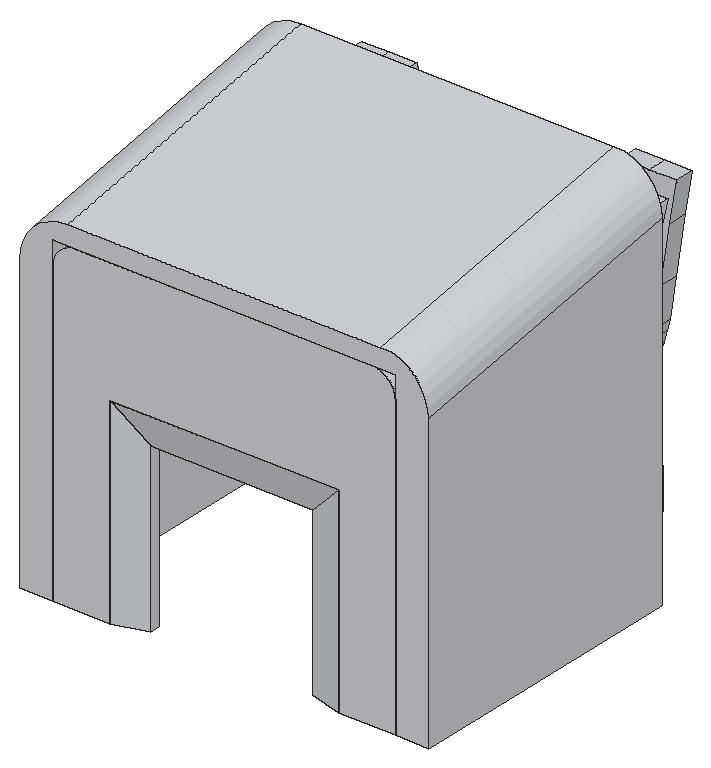
Revit family "Gira_000730", category Electrical Fixtures, Revit 2017
Family settings
  Maintain Annotation Orientation = No
  Round Connector Dimension = Use Diameter
  Part Type = Normal
  Work Plane-Based = No
  Always vertical = Yes
  Cut with Voids When Loaded = No
  Shared = No
  Room Calculation Point = No
Parameters (values of type "Adapter cab.entry 2-g set WP SM grey")
  URL = "https://www.gira.de/"
  Type Comments = ""
  Suitable for built-up box flush-mounted switching equipment = no
  Model = "Slider with 2 inlets"
  Manufacturer = "Gira"
  Keynote = ""
  HeinzeBIM = "https://www.heinze.de/bim/adapter-cab-entry-2-g-set-wp-sm-grey/dfceceb0e7698ec1062133196875046d71468918"
  HAN = "000730"
  GTIN = "4010337007302"
  Description = "Adap.cab.entry 2g set WP SM GY Adapter for cable entry, 2-gang (twin entry) Set grey"
  Cost = 0
  Colour = "Grey"
  BIMSITE_PRODUCT_ID = "dfceceb0e7698ec1062133196875046d71468918"
  Assembly Code = ""
Reference planes
  plane 1 "Center (Front/Back)": y = 0
  plane 2: z = 0
  plane 3 "Center (Left/Right)": x = 0
Forms (mm)
  Extrusion 1, solid, detail levels fine
    sketch origin (0, 0, 0) x (0, 0, 1) y (-1, 0, 0)
      loop
        line (15, -11.5) -> (11, -10.866) -> (11, 10.866) -> (15, 11.5) -> (15, 14.501) -> (15, 17.369) -> (8.534, 16.345) -> (6.588, 16.037) -> (0.122, 15.013) -> (-1.011, 14.741) -> (-2.197, 14.456) -> (-3.324, 13.989) -> (-4.401, 13.543) -> (-5.44, 12.906) -> (-6.434, 12.297) -> (-7.362, 11.505) -> (-8.248, 10.748) -> (-9.04, 9.821) -> (-9.797, 8.934) -> (-10.434, 7.895) -> (-11.043, 6.901) -> (-11.51, 5.774) -> (-11.956, 4.697) -> (-12.241, 3.511) -> (-12.513, 2.378) -> (-12.609, 1.162) -> (-12.7, 0) -> (-12.604, -1.216) -> (-12.513, -2.378) -> (-12.228, -3.564) -> (-11.956, -4.697) -> (-11.489, -5.824) -> (-11.043, -6.901) -> (-10.406, -7.94) -> (-9.797, -8.934) -> (-9.005, -9.862) -> (-8.248, -10.748) -> (-7.321, -11.54) -> (-6.434, -12.297) -> (-5.395, -12.934) -> (-4.401, -13.543) -> (-3.274, -14.01) -> (-2.197, -14.456) -> (-1.011, -14.741) -> (0.122, -15.013) -> (4.433, -15.696) -> (10.689, -16.687) -> (15, -17.369) -> (15, -14.501) -> (15, -11.5)
      loop
        circle (0, 0) r 8.6
      loop
        line (9.5, 12.246) -> (8.121, 12.027) -> (1.133, 10.921) -> (0.015, 10.743)
        arc (0.015, 10.743) -> (-0.406, 10.213) -> (0.088, 9.75) r 0.5
        arc (0.088, 9.75) -> (5.013, 8.357) -> (8.555, 4.662) r 9.75
        arc (8.555, 4.662) -> (9.122, 4.416) -> (9.5, 4.905) r 0.503
        line (9.5, 4.905) -> (9.5, 12.246)
      loop
        line (9.5, -12.246) -> (9.5, -4.905)
        arc (9.5, -4.905) -> (9.122, -4.416) -> (8.555, -4.662) r 0.503
        arc (8.555, -4.662) -> (5.013, -8.357) -> (0.088, -9.75) r 9.75
        arc (0.088, -9.75) -> (-0.406, -10.213) -> (0.015, -10.743) r 0.5
        line (0.015, -10.743) -> (1.133, -10.921) -> (8.121, -12.027) -> (9.5, -12.246)
    from 0 to 2
  Extrusion 2, solid, detail levels fine
    sketch origin (0, 0, 0) x (0, 0, 1) y (-1, 0, 0)
      loop
        line (15, -13.874) -> (15, -11.5) -> (11, -10.866) -> (11, 10.866) -> (15, 11.5) -> (15, 14.126) -> (14.024, 14.126) -> (11.962, 14.126) -> (10.987, 14.126) -> (8.449, 13.724) -> (3.083, 12.874) -> (0.545, 12.472) -> (-0.75, 12.148) -> (-1.595, 11.936) -> (-2.813, 11.389) -> (-3.608, 11.032) -> (-4.71, 10.28) -> (-5.43, 9.789) -> (-6.383, 8.854) -> (-7.005, 8.244) -> (-7.779, 7.157) -> (-8.284, 6.447) -> (-8.855, 5.24) -> (-9.227, 4.453) -> (-9.577, 3.165) -> (-9.805, 2.324) -> (-9.923, 0.994) -> (-10, 0.126) -> (-9.882, -1.203) -> (-9.805, -2.071) -> (-9.456, -3.359) -> (-9.227, -4.2) -> (-8.657, -5.407) -> (-8.284, -6.195) -> (-7.51, -7.282) -> (-7.005, -7.992) -> (-6.052, -8.926) -> (-5.43, -9.536) -> (-4.328, -10.289) -> (-3.608, -10.78) -> (-2.39, -11.327) -> (-1.595, -11.684) -> (-0.301, -12.008) -> (0.545, -12.22) -> (4.669, -12.873) -> (10.987, -13.874) -> (13.415, -13.874) -> (15, -13.874)
      loop
        circle (0, 0) r 3
    from 2 to 6.595
  Extrusion 3, solid, detail levels fine
    sketch origin (0, 0, 0) x (0, 0, 1) y (0, -1, 0)
      loop
        line (11, 9.1) -> (-14.28, 9.1) -> (-14.28, 5.415) -> (12, 5.873) -> (15, 4.873) -> (15, 7.897) -> (11, 8.106) -> (11, 9.1)
    from 18.7 to -18.7
  Extrusion 4, solid, detail levels medium
    sketch origin (0, 0, 0) x (0, 0, 1) y (-1, 0, 0)
      loop
        line (-7.321, -11.54) -> (-6.434, -12.297) -> (-5.395, -12.934) -> (-4.401, -13.543) -> (-3.274, -14.01) -> (-2.197, -14.456) -> (-1.011, -14.741) -> (0.122, -15.013) -> (4.433, -15.696) -> (10.689, -16.687) -> (15, -17.369) -> (15, -14.501) -> (15, -11.5) -> (11, -10.866) -> (11, 10.866) -> (15, 11.5) -> (15, 14.501) -> (15, 17.369) -> (8.534, 16.345) -> (6.588, 16.037) -> (0.122, 15.013) -> (-1.011, 14.741) -> (-2.197, 14.456) -> (-3.324, 13.989) -> (-4.401, 13.543) -> (-5.44, 12.906) -> (-6.434, 12.297) -> (-7.362, 11.505) -> (-8.248, 10.748) -> (-9.04, 9.821) -> (-9.797, 8.934) -> (-10.434, 7.895) -> (-11.043, 6.901) -> (-11.51, 5.774) -> (-11.956, 4.697) -> (-12.241, 3.511) -> (-12.513, 2.378) -> (-12.609, 1.162) -> (-12.7, 0) -> (-12.604, -1.216) -> (-12.513, -2.378) -> (-12.228, -3.564) -> (-11.956, -4.697) -> (-11.489, -5.824) -> (-11.043, -6.901) -> (-10.406, -7.94) -> (-9.797, -8.934) -> (-9.005, -9.862) -> (-8.248, -10.748) -> (-7.321, -11.54)
    from 0 to 5.5
  Extrusion 5, solid, detail levels medium
    sketch origin (0, 0, 0) x (0, 0, 1) y (0, -1, 0)
      loop
        line (-14.28, 5.5) -> (15, 5.5) -> (15, 9.1) -> (-14.28, 9.1) -> (-14.28, 5.5)
    from -18.7 to 18.7
  SweptBlend 6, solid, detail levels fine
    path origin (0, 0, 0) x (0, 1, 0) y (0, 0, 1)
      loop
        line (-9.1, 0) -> (-39.735, 0)
    profile origin (0, -9.1, 0) x (0, 0, -1) y (1, 0, 0)
      loop
        spline (-15.918, 21.5) -> (-16.581, 21.457) -> (-17.233, 21.33) -> (-17.863, 21.119) -> (-18.459, 20.83) -> (-19.012, 20.467) -> (-19.511, 20.036) -> (-19.95, 19.544) -> (-20.319, 19) -> (-20.613, 18.413) -> (-20.827, 17.794) -> (-20.957, 17.153) -> (-21, 16.5)
        line (-21, 16.5) -> (-21, -16.5)
        spline (-21, -16.5) -> (-20.957, -17.153) -> (-20.827, -17.794) -> (-20.613, -18.413) -> (-20.319, -19) -> (-19.95, -19.544) -> (-19.511, -20.036) -> (-19.012, -20.467) -> (-18.459, -20.83) -> (-17.863, -21.119) -> (-17.233, -21.33) -> (-16.581, -21.457) -> (-15.918, -21.5)
        line (-15.918, -21.5) -> (20.5, -21.5) -> (20.5, 21.5) -> (-15.918, 21.5)
    end profile origin (0, -39.735, 0) x (0, 0, -1) y (1, 0, 0)
      loop
        line (-15.5, 16.5) -> (-15.5, -16.5)
        arc (-15.5, -16.5) -> (-14.036, -20.036) -> (-10.5, -21.5) r 5
        line (-10.5, -21.5) -> (20.5, -21.5) -> (20.5, 21.5) -> (-10.5, 21.5)
        arc (-10.5, 21.5) -> (-14.036, 20.036) -> (-15.5, 16.5) r 5
  Extrusion 7, void
    sketch origin (0, 0, 0) x (1, 0, 0) y (0, 1, 0)
      loop
        spline (-15, -11.157) -> (-15.392, -11.183) -> (-15.776, -11.259) -> (-16.148, -11.385) -> (-16.5, -11.558) -> (-16.826, -11.775) -> (-17.121, -12.033) -> (-17.38, -12.327) -> (-17.598, -12.653) -> (-17.772, -13.004) -> (-17.898, -13.374) -> (-17.974, -13.758) -> (-18, -14.148)
        line (-18, -14.148) -> (-18, -34.935) -> (-19.3, -34.935)
        arc (-19.3, -34.935) -> (-20.6, -36.235) -> (-19.3, -37.535) r 1.3
        line (-19.3, -37.535) -> (-18, -37.535) -> (-18, -39.735) -> (18, -39.735) -> (18, -37.535) -> (19.3, -37.535)
        arc (19.3, -37.535) -> (20.6, -36.235) -> (19.3, -34.935) r 1.3
        line (19.3, -34.935) -> (18, -34.935) -> (18, -14.148)
        spline (18, -14.148) -> (17.974, -13.758) -> (17.898, -13.374) -> (17.772, -13.004) -> (17.598, -12.653) -> (17.38, -12.327) -> (17.121, -12.033) -> (16.826, -11.775) -> (16.5, -11.558) -> (16.148, -11.385) -> (15.776, -11.259) -> (15.392, -11.183) -> (15, -11.157)
        line (15, -11.157) -> (-15, -11.157)
    from -29.176 to 13.5
  Extrusion 8, solid, detail levels fine
    sketch origin (0, 0, 0) x (1, 0, 0) y (0, 1, 0)
      loop
        line (-18, -31.163) -> (-18, -32.663) -> (18, -32.663) -> (18, -31.163) -> (-18, -31.163)
    from 9.5 to 13.5
  Extrusion 9, void
    sketch origin (0, 0, 0) x (1, 0, 0) y (0, 0, 1)
      loop
        circle (0, 0) r 3
    from -3.329 to 16.735
  Extrusion 10, void
    sketch origin (0, 0, 0) x (1, 0, 0) y (0, 0, 1)
      loop
        circle (0, 0) r 3
    from 9.1 to 12.197
  SweptBlend 11, solid, detail levels medium
    path origin (0, 0, 0) x (0, 1, 0) y (0, 0, 1)
      loop
        line (-9.1, 0) -> (-39.735, 0)
    profile origin (0, -9.1, 0) x (0, 0, -1) y (1, 0, 0)
      loop
        line (-21, -21.5) -> (20.5, -21.5) -> (20.5, 21.5) -> (-21, 21.5) -> (-21, -21.5)
    end profile origin (0, -39.735, 0) x (0, 0, -1) y (1, 0, 0)
      loop
        line (-15.5, -21.5) -> (20.5, -21.5) -> (20.5, 21.5) -> (-15.5, 21.5) -> (-15.5, -21.5)
  Extrusion 12, solid, detail levels coarse
    sketch origin (0, 0, 0) x (1, 0, 0) y (0, 1, 0)
      loop
        line (-21.5, 0) -> (-21.5, -39.735) -> (21.5, -39.735) -> (21.5, 0) -> (-21.5, 0)
    from -20.5 to 21
  Extrusion 13, void
    sketch origin (0, 0, 0) x (1, 0, 0) y (0, 0, 1)
      loop
        line (18.7, -20.5) -> (18.7, 13.5) -> (-18.7, 13.5) -> (-18.7, -20.5) -> (18.7, -20.5)
    from 11.157 to 42.053
Cuts and joins
  Extrusion 9, Extrusion 10 cuts Extrusion 3
  Extrusion 7, Extrusion 10 cuts SweptBlend 6
  joined: Extrusion 3, SweptBlend 6
  Extrusion 10 cuts Extrusion 2
  joined: Extrusion 1, Extrusion 2
  Extrusion 10 cuts Extrusion 4
  Extrusion 10 cuts Extrusion 5
  Extrusion 13 cuts SweptBlend 11
  joined: Extrusion 4, Extrusion 5, SweptBlend 11
Lines and regions (mm)
  reference lines
    curve 1: line (-20.6, -36.235, 0) -> (20.6, -36.235, 0)
Dimensions and locks
  aligned and locked: plane 2 to level
  aligned and locked: plane 3 "Center (Left/Right)" to nested 1
  aligned and locked: curve 1 to nested 1
Nested families
  nested 1: "00_001259_05" at (0, -32.735, -930.449), type "00_001259_05"
Definition of nested family "00_001259_05"
  Reference planes
    plane 1 "Center (Front/Back)": y = 0
    plane 2: z = 909.949
    plane 3 "Center (Left/Right)": x = 0
  Forms (mm)
    Extrusion 1, solid, detail levels fine
      sketch origin (0, 0, 0) x (1, 0, 0) y (0, 0, 1)
        loop
          arc (-15.5, 943.949) -> (-17.268, 943.217) -> (-18, 941.449) r 2.5
          line (-18, 941.449) -> (-18, 909.949) -> (-16, 909.949) -> (-16, 941.449)
          arc (-16, 941.449) -> (-15.854, 941.803) -> (-15.5, 941.949) r 0.5
          line (-15.5, 941.949) -> (15.5, 941.949)
          arc (15.5, 941.949) -> (15.854, 941.803) -> (16, 941.449) r 0.5
          line (16, 941.449) -> (16, 909.949) -> (18, 909.949) -> (18, 941.449)
          arc (18, 941.449) -> (17.268, 943.217) -> (15.5, 943.949) r 2.5
          line (15.5, 943.949) -> (-15.5, 943.949)
      from 0 to 7
    Extrusion 2, solid, detail levels fine
      sketch origin (0, 0, 0) x (1, 0, 0) y (0, 0, 1)
        loop
          line (-16, 909.949) -> (-12, 909.949) -> (-12, 930.949) -> (12, 930.949) -> (12, 909.949) -> (16, 909.949) -> (16, 941.449)
          arc (16, 941.449) -> (15.854, 941.803) -> (15.5, 941.949) r 0.5
          line (15.5, 941.949) -> (-15.5, 941.949)
          arc (-15.5, 941.949) -> (-15.854, 941.803) -> (-16, 941.449) r 0.5
          line (-16, 941.449) -> (-16, 909.949)
      from 5 to 7
    Extrusion 3, solid, detail levels medium+fine
      sketch origin (0, 0, 909.949) x (1, 0, 0) y (0, 1, 0)
        loop
          line (-19.2, -4.7) -> (-18, -4.7) -> (-18, -2.3) -> (-19.2, -2.3)
          arc (-19.2, -2.3) -> (-20.4, -3.5) -> (-19.2, -4.7) r 1.2
        loop
          arc (19.2, -4.7) -> (20.4, -3.5) -> (19.2, -2.3) r 1.2
          line (19.2, -2.3) -> (18, -2.3) -> (18, -4.7) -> (19.2, -4.7)
      from 0 to 30
    Sweep 4, solid, detail levels fine
      path origin (0, 0, 0) x (1, 0, 0) y (0, 0, 1)
        loop
          line (-8.5, 909.949) -> (-8.5, 927.449) -> (8.5, 927.449) -> (8.5, 909.949)
      profile origin (-8.5, 0, 918.699) x (-1, 0, 0) y (0, -1, 0)
        loop
          line (3.5, 7) -> (0, 6.003) -> (0, 5.003) -> (3.5, 6) -> (3.5, 7)
    Extrusion 5, solid, detail levels medium
      sketch origin (0, 0, 0) x (1, 0, 0) y (0, 0, 1)
        loop
          arc (-15.5, 943.949) -> (-17.268, 943.217) -> (-18, 941.449) r 2.5
          line (-18, 941.449) -> (-18, 909.949) -> (18, 909.949) -> (18, 941.449)
          arc (18, 941.449) -> (17.268, 943.217) -> (15.5, 943.949) r 2.5
          line (15.5, 943.949) -> (-15.5, 943.949)
      from 0 to 7
    Extrusion 6, solid, detail levels coarse
      sketch origin (0, 0, 0) x (1, 0, 0) y (0, 0, 1)
        loop
          line (-20.4, 909.949) -> (20.4, 909.949) -> (20.4, 943.949) -> (-20.4, 943.949) -> (-20.4, 909.949)
      from 0 to 7
  Cuts and joins
    joined: Extrusion 1, Extrusion 2
  Lines and regions (mm)
    reference lines
      curve 1: line (-20.4, -3.5, 909.949) -> (20.4, -3.5, 909.949)
  Dimensions and locks
    aligned and locked: level to plane 2
